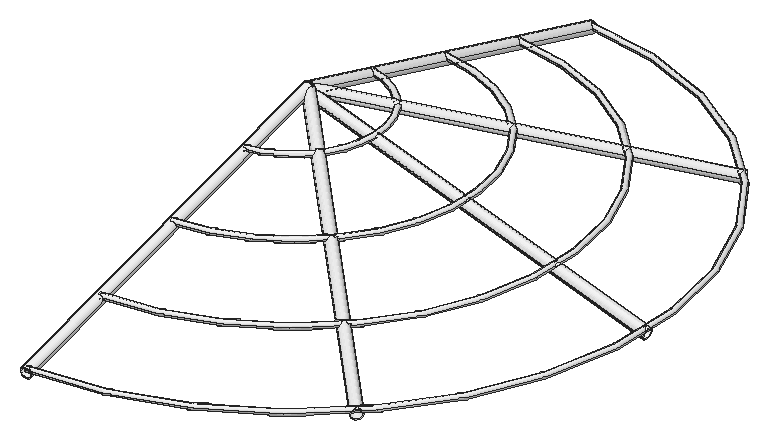
Revit family
Parameters (values of type "aw14천창 수정")
  Assembly Code = ""
  재료 = 천창 AW14 구조 재료
Reference planes
  plane 1 "중심(앞/뒤)": y = 0
  plane 2: z = 0
  plane 3 "중심(왼쪽/오른쪽)": x = 0
  plane 4: x = -2568
  plane 5: x = -2418
  plane 6: x = -68
  plane 7: x = 82
  plane 8: x = 2432
  plane 9: x = 2582
  plane 10: x = 4932
  plane 11: x = 5082
  plane 12: through (-4994.285, 0, 2882.378) normal (-0.2778, 0, -0.9606)
  plane 13: x = -4336
  plane 14: z = -13.082
  plane 15: z = -13.082
Forms (mm)
  Sweep 1, solid, material "천창 AW14 구조 재료" <- "재료"
    path origin (1.432, 0, 0) x (1, 0, 0) y (0, 1, 0)
      loop
        arc (-4337.432, 9702.153) -> (5007, 0) -> (-4337.432, -9702.153) r 9709
    profile origin (5008.432, 0, 0) x (1, 0, 0) y (0, 0, 1)
      loop
        circle (0, -88.008) r 75
      loop
        circle (0, -88.008) r 69
  Sweep 2, solid, material "천창 AW14 구조 재료" <- "재료"
    path origin (-2569.997, 0, 638.529) x (1, 0, 0) y (0, 1, 0)
      loop
        arc (-1745.887, 7198.652) -> (5076.997, 0) -> (-1745.887, -7198.652) r 7209
    profile origin (2507, 0, 638.529) x (1, 0, 0) y (0, 0, 1)
      loop
        circle (0, -2.089) r 75
      loop
        circle (0, -2.089) r 69
  Sweep 3, solid, material "천창 AW14 구조 재료" <- "재료"
    path origin (-7425.486, 0, 2083.28) x (1, 0, 0) y (0, 1, 0)
      loop
        arc (3089.486, 2178.468) -> (4932.486, 0) -> (3089.486, -2178.468) r 2209
    profile origin (-2493, 0, 2083.28) x (1, 0, 0) y (0, 0, 1)
      loop
        circle (0, -2.089) r 75
      loop
        circle (0, -2.089) r 69
  Sweep 4, solid, material "천창 AW14 구조 재료" <- "재료"
    path origin (0, 0, 0) x (1, 0, 0) y (0, 0, 1)
      loop
        line (5082, -31.247) -> (-4447.604, 2724.301)
    profile origin (5082, 0, -31.247) x (-0.277777, 0, -0.960646) y (0, -1, 0)
      loop
        circle (161.088, 0) r 150
      loop
        circle (161.088, 0) r 144
  Sweep 5, solid, material "천창 AW14 구조 재료" <- "재료"
    path origin (898.112, 898.25, 0) x (0.707053, 0.707161, 0) y (0, 0, 1)
      loop
        line (5189.124, -25.882) -> (-4351.34, 2763.945)
    profile origin (4567.096, 4567.796, -25.882) x (-0.198446, -0.198477, -0.959805) y (0.707161, -0.707053, 0)
      loop
        circle (161.088, -3066.25) r 150
      loop
        circle (161.088, -3066.25) r 144
  Sweep 6, solid, material "천창 AW14 구조 재료" <- "재료"
    path origin (-4992.986, 0, 1369.228) x (1, 0, 0) y (0, 1, 0)
      loop
        arc (656.986, -4688.313) -> (5000.486, 0) -> (656.986, 4688.313) r 4702
    profile origin (7.5, 0, 1369.228) x (-1, 0, 0) y (0, 0, 1)
      loop
        circle (0, -2.089) r 75
      loop
        circle (0, -2.089) r 69
  Sweep 7, solid, material "천창 AW14 구조 재료" <- "재료"
    path origin (898.112, -898.25, 0) x (0.707053, -0.707161, 0) y (0, 0, -1)
      loop
        line (5189.124, 25.882) -> (-4351.34, -2763.945)
    profile origin (4567.096, -4567.796, -25.882) x (0.198446, -0.198477, 0.959805) y (0.707161, 0.707053, 0)
      loop
        circle (-161.088, -3066.25) r 150
      loop
        circle (-161.088, -3066.25) r 144
  Sweep 8, solid, material "천창 AW14 구조 재료" <- "재료"
    path origin (-4336, 10143.399, 4000) x (0, 1, 0) y (0, 0, 1)
      loop
        line (-19936.315, -4025.039) -> (-10135.073, -1233.082)
    profile origin (-4336, -9792.916, -25.039) x (0, -0.273959, 0.961741) y (1, 0, 0)
      loop
        circle (-150, 0) r 150
      loop
        circle (-150, 0) r 144
  Sweep 9, solid, material "천창 AW14 구조 재료" <- "재료"
    path origin (-4336, -10143.399, 4000) x (0, -1, 0) y (0, 0, -1)
      loop
        line (-19936.315, 4025.039) -> (-10135.073, 1233.082)
    profile origin (-4336, 9792.916, -25.039) x (0, -0.273959, -0.961741) y (1, 0, 0)
      loop
        circle (150, 0) r 150
      loop
        circle (150, 0) r 144
Cuts and joins
  joined: Sweep 4, Sweep 5
